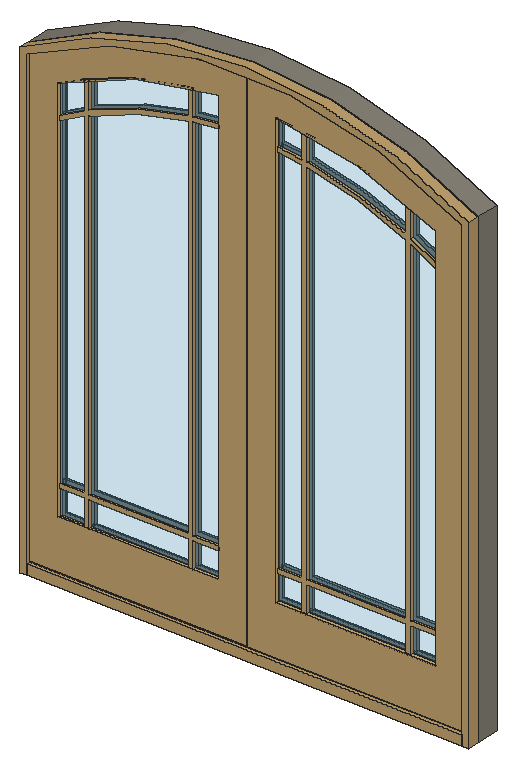
Revit family "Door-Entry-Marvin-Inswing_2_Panel_French_Door_Arch_Top-Ultimate", category Doors, host Wall, Revit 2015 (continued)
Types in the file's own list only (5): name | t_calc | t2_calc | h_calc | h2_calc | Rough Width | Rough Height | Panel Width | Nominal Width | Nominal Height | Model | Height | Width | FS Springline | Description | Daylight Area_calc | Daylight Area | DLO Width | DLO Height | Angle_calc2 | Angle_calc
  UIFDAT5068 | 5' - 5 5/16" | 5' - 1 13/32" | 0' - 6 11/16" | 0' - 4 21/32" | 5' - 1 5/8" | 6' - 10 1/2" | 2' - 5 1/16" | 5' - 0" | 6' - 8" | "UIFDAT5068" | 6' - 10" | 5' - 0 5/8" | 6' - 3 5/16" | "6080 AT FR DOOR" | 1.06 SF | 17.47 SF | 1' - 7 19/32" | 5' - 6 1/8" | 43.304067 | 43.30°
  UIFDAT5070 | 5' - 5 5/16" | 5' - 1 13/32" | 0' - 6 11/16" | 0' - 4 21/32" | 5' - 1 5/8" | 7' - 2 1/2" | 2' - 5 1/16" | 5' - 0" | 7' - 0" | "UIFDAT5070" | 7' - 2" | 5' - 0 5/8" | 6' - 7 5/16" | "6084 AT FR DOOR" | 1.06 SF | 18.56 SF | 1' - 7 19/32" | 5' - 10 1/8" | 43.304067 | 43.30°
  UIFDAT5080 | 5' - 5 5/16" | 5' - 1 13/32" | 0' - 6 11/16" | 0' - 4 21/32" | 5' - 1 5/8" | 8' - 0" | 2' - 5 1/16" | 5' - 0" | 8' - 0" | "UIFDAT5080" | 7' - 11 1/2" | 5' - 0 5/8" | 7' - 4 13/16" | "6096 AT FR DOOR" | 1.06 SF | 21.15 SF | 1' - 7 19/32" | 6' - 7 5/8" | 43.304067 | 43.30°
  UIFDAT6068 | 5' - 2 3/16" | 4' - 10 21/32" | 0' - 9 13/16" | 0' - 7 13/32" | 6' - 1 5/8" | 6' - 10 1/2" | 2' - 11 1/16" | 6' - 0" | 6' - 8" | "UIFDAT6068" | 6' - 10" | 6' - 0 5/8" | 6' - 0 3/16" | "7280 AT FR DOOR" | 2.10 SF | 22.49 SF | 2' - 1 19/32" | 5' - 6 1/8" | 54.747355 | 54.75°
  UIFDAT6080 | 5' - 2 3/16" | 4' - 10 21/32" | 0' - 9 13/16" | 0' - 7 13/32" | 6' - 1 5/8" | 8' - 0" | 2' - 11 1/16" | 6' - 0" | 8' - 0" | "UIFDAT6080" | 7' - 11 1/2" | 6' - 0 5/8" | 7' - 1 11/16" | "7296 AT FR DOOR" | 2.10 SF | 27.29 SF | 2' - 1 19/32" | 6' - 7 5/8" | 54.747355 | 54.75°
